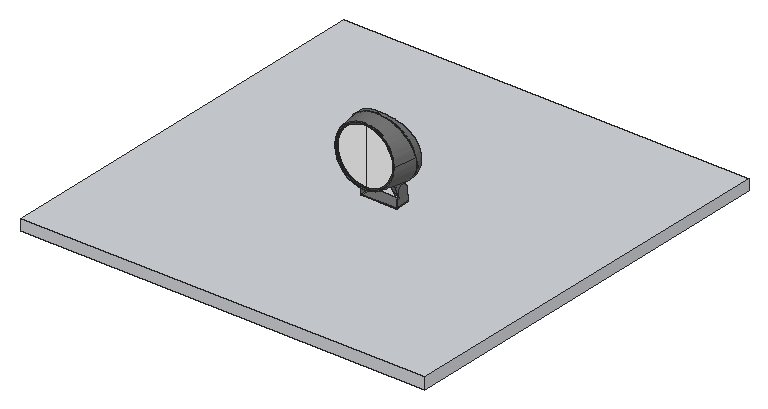
Revit family "Thorn CONT3 52L105 830 NB HFX 6K ANT", category Lighting Fixtures, host Face, Revit 2016
Family settings
  Host = Face
  Part Type = Normal
  Round Connector Dimension = Use Diameter
  OmniClass Number = 23.80.70.11
  OmniClass Title = Luminaries for Internal Lighting
  Cut with Voids When Loaded = No
  Light Source = Yes
  Shared = No
  Room Calculation Point = No
Parameters (values of type "CONT3 52L105 830 NB HFX 6K ANT")
  Width = 397.00 mm  # constant formula
  Wattage = 113.591 W
  built-in parameter 1150110 = 1 (stored number, unit not read)
  Voltage = 230 V  # constant formula
  URL = "http://www.thornlighting.com/96633457"
  Type Comments = "© Thorn. We reserve the right to make technical changes without prior notice."  # constant formula
  built-in parameter 1114217 = 1 (stored number, unit not read)
  Tilt Angle = 0.00°
  built-in parameter 1150109 = 1 (stored number, unit not read)
  built-in parameter 1150134 = (empty or 0)
  built-in parameter 1150113 = 1 (stored number, unit not read)
  Reflector [instance] = ZG_Reflector_SI
  Photometric Web File = "96633457_(STD).IES"
  Note [instance] = "Angle value ranges between 30° and 90°!"  # constant formula
  Model = "96633457"
  Manufacturer = "Thorn Lighting"  # constant formula
  built-in parameter 1150105 = 1342.7 (stored number, unit not read)
  Lumens = 16873 lm
  built-in parameter 1150115 = 1 (stored number, unit not read)
  built-in parameter 1150137 = (empty or 0)
  built-in parameter 1150139 = (empty or 0)
  Length = 206.00 mm  # constant formula
  built-in parameter 1150112 = 1 (stored number, unit not read)
  built-in parameter 1150114 = 1 (stored number, unit not read)
  Lamp = "LED"
  built-in parameter 1150132 = 2
  built-in parameter 1150102 = (empty or 0)
  built-in parameter 1150107 = 3000 (stored number, unit not read)
  built-in parameter 1150138 = (empty or 0)
  built-in parameter 1150106 = 13.427 (stored number, unit not read)
  Height = 483.00 mm  # constant formula
  built-in parameter 1150104 = 13.8 (stored number, unit not read)
  Dimming Lamp Color Temperature Shift = <None>
  Description = "LED spot luminaire"  # constant formula
  Color Filter = 16777215
  Body [instance] = ZG_Metal_Black
  built-in parameter 1114218 = 1 (stored number, unit not read)
  built-in parameter 1150133 = 10 (stored number, unit not read)
  Apparent Load = 166 VA  # constant formula
  Angle [instance] = 0.00°
  Default Elevation = 0.00 mm
  Assembly Code = "D5020200"
Reference planes
  plane 1: z = 0
  plane 2 "Center (Left/Right)": x = 0
  plane 3: x = -111
  plane 4: x = 111
  plane 5: z = 82.316
  plane 6: x = 108
  plane 7: x = -108
  plane 8 "Center (Front/Back)": y = 0
  plane 9: x = -106
Forms (mm)
  Extrusion 1, solid
    sketch origin (0, 0, 0) x (1, 0, 0) y (0, 1, 0)
      loop
        line (-1219.2, 1219.2) -> (-1219.2, -1219.2) -> (1219.2, -1219.2) -> (1219.2, 1219.2) -> (-1219.2, 1219.2)
    from 0 to -66.193
  Extrusion 2, solid, material "ZG_Metal_Black" <- "Body"
    sketch origin (-37.684, 0, 0) x (0, 0, 1) y (0, -1, 0)
      loop
        line (12, -40) -> (88.244, -30.435)
        arc (88.244, -30.435) -> (115.099, 0) -> (88.244, 30.435) r 30.673
        line (88.244, 30.435) -> (12, 40) -> (12, -40)
    from -73.316 to -70.316
  Extrusion 3, solid, material "ZG_Metal_Black" <- "Body"
    sketch origin (37.684, 0, 0) x (0, 0, 1) y (0, 1, 0)
      loop
        line (12, 40) -> (12, -40) -> (88.244, -30.435)
        arc (88.244, -30.435) -> (115.099, 0) -> (88.244, 30.435) r 30.673
        line (88.244, 30.435) -> (12, 40)
    from -73.316 to -70.316
  Extrusion 4, solid, material "ZG_Metal_Black" <- "Body"
    sketch origin (0, 0, 0) x (0, 0, 1) y (-1, 0, 0)
      loop
        line (0, 103) -> (0, -103)
        arc (0, -103) -> (2.343, -108.657) -> (8, -111) r 8
        line (8, -111) -> (12, -111) -> (12, -108) -> (8, -108)
        arc (8, -108) -> (4.464, -106.536) -> (3, -103) r 5
        line (3, -103) -> (3, 103)
        arc (3, 103) -> (4.464, 106.536) -> (8, 108) r 5
        line (8, 108) -> (12, 108) -> (12, 111) -> (8, 111)
        arc (8, 111) -> (2.343, 108.657) -> (0, 103) r 8
    from -40 to 40
Cuts and joins
  joined: Extrusion 2, Extrusion 3, Extrusion 4
Lines and regions (mm)
  reference lines
    curve 1: line (0, 0, 82.316) -> (0, -146.894, 82.316)
    curve 2: line (0, -146.894, 293.238) -> (0, -146.894, 82.316)
    curve 3: line (0, -146.894, 293.238) -> (0, 0, 293.238)
Dimensions and locks
  "Angle": angle plane 5 to curve 1
  aligned and locked: plane 1 to Extrusion 1
  aligned and locked: level to Extrusion 1
  aligned and locked: imposter light to curve 3  (x2)
  aligned and locked: plane 8 "Center (Front/Back)" to curve 1
  aligned and locked: plane 5 to curve 1
Automatic sketch dimensions
  Extrusion 1 sketch curve to Extrusion 1 sketch curve = 2438.40 mm  (x2)
  Extrusion 2 sketch curve to plane 8 "Center (Front/Back)" = 0.00 mm
  level to Extrusion 2 sketch curve = 12.00 mm
  plane 5 to Extrusion 2 sketch curve = 2.109 mm
  plane 5 to Extrusion 2 sketch curve = 5.927 mm  (x2)
  Extrusion 2 sketch curve to plane 8 "Center (Front/Back)" = 30.435 mm
  Extrusion 2 sketch curve to plane 8 "Center (Front/Back)" = 40.00 mm
  plane 8 "Center (Front/Back)" to Extrusion 2 sketch curve = 40.00 mm
  curve 1 to curve 3 = 0.00 mm  (x2)
  curve 3 to curve 1 = 210.922 mm
  curve 2 to curve 1 = 0.00 mm
  Extrusion 3 sketch curve to plane 8 "Center (Front/Back)" = 0.00 mm
  level to Extrusion 3 sketch curve = 12.00 mm
  plane 5 to Extrusion 3 sketch curve = 2.109 mm
  plane 5 to Extrusion 3 sketch curve = 5.927 mm  (x2)
  plane 8 "Center (Front/Back)" to Extrusion 3 sketch curve = 30.435 mm
  plane 8 "Center (Front/Back)" to Extrusion 3 sketch curve = 40.00 mm
  Extrusion 3 sketch curve to plane 8 "Center (Front/Back)" = 40.00 mm
  Extrusion 4 sketch curve to Extrusion 4 sketch curve = 0.00 mm  (x4)
  Extrusion 4 sketch curve to level = 0.00 mm
  plane 6 to Extrusion 4 sketch curve = 0.00 mm
  Extrusion 4 sketch curve to plane 3 = 0.00 mm
  plane 4 to Extrusion 4 sketch curve = 0.00 mm
  Extrusion 4 sketch curve to Extrusion 4 sketch curve = 5.00 mm
  level to Extrusion 4 sketch curve = 8.00 mm
  Extrusion 4 sketch curve to Extrusion 4 sketch curve = 4.00 mm  (x2)
Nested families
  nested 1: "Thorn CONT52L Body" at (0, 0, 82.316), Body <- "Body", Reflector <- "Reflector", type "Thorn CONT52L Body"
    with Reflector ZG_Reflector_SI, Body ZG_Metal_Black
Definition of nested family "Thorn CONT52L Body"
  Parameters (values of type "Thorn CONT52L Body")
    Reflector [instance] = none
    Default Elevation = 0.00 mm
    Body [instance] = none
  Reference planes
    plane 1 "Light Source Axis (F/B)": y = 0
    plane 2: z = 0
    plane 3 "Light Source Axis (L/R)": x = 0
    plane 4 "Light Source Elevation": z = 0
  Forms (mm)
    Blend 1, solid, material <- "Body"
      base sketch origin (0, 0, 0) x (1, 0, 0) y (0, 0, 1)
        loop
          circle (0, 211.079) r 205
      top sketch origin (0, 0, 0) x (1, 0, 0) y (0, 0, 1)
        loop
          circle (0, 210.922) r 180
      from -41.272 to 146.894
    Extrusion 2, void
      sketch origin (0, 0, 0) x (0, 1, 0) y (0, 0, 1)
        loop
          line (-62.172, 425.36) -> (39.389, -19.64) -> (56.098, -19.64) -> (56.098, 425.36) -> (-62.172, 425.36)
      from -250 to 250
    Extrusion 3, solid, material <- "Body"
      sketch origin (0, 6.2, 125.778) x (0, 0.222506, -0.974931) y (-1, 0, 0)
        loop
          circle (-87.448, 0) r 190
      from 0 to 2.5
    Revolve 4, solid, material <- "Body"
      sketch origin (0, 0, 0) x (0, 1, 0) y (0, 0, 1)
        loop
          line (-54.578, 403.318) -> (-9.247, 204.699) -> (32.249, 214.169) -> (-10.921, 403.318) -> (-54.578, 403.318)
        axis (32.249, 214.169) -> (-9.247, 204.699)
      angle from 0 to 360
    Extrusion 5, void
      sketch origin (0, 0, 0) x (0, 1, 0) y (0, 0, 1)
        loop
          line (38.488, 51.438) -> (38.488, -20) -> (106.048, -20) -> (106.048, 411.103) -> (-37.986, 411.103)
          arc (-37.986, 411.103) -> (-2.06, 336.639) -> (22.327, 257.64) r 551.38
          line (22.327, 257.64) -> (62.591, 81.222) -> (38.488, 51.438)
      from -250 to 250
    Revolve 6, void
      sketch origin (0, -32.992, 0) x (0, 1, 0) y (0, 0, 1)
        loop
          line (-113.902, 210.922) -> (-108.967, 210.922) -> (-108.967, 378.426) -> (-111.435, 378.426) -> (-111.435, 388.426) -> (-113.902, 388.426) -> (-113.902, 210.922)
        axis (-113.902, 210.922) -> (-108.967, 210.922)
      angle from 0 to 360
    Extrusion 7, solid, material <- "Body"
      sketch origin (0, 0, 0) x (0, -0.866025, 0.5) y (0, -0.5, -0.866025)
        loop
          arc (17.197, 24.582) -> (-22.71, 19.603) -> (-21.806, -20.603) r 30
          line (-21.806, -20.603) -> (9.298, -53.524) -> (84.781, -22.698) -> (17.197, 24.582)
      from -106 to -81
    Extrusion 8, solid, material <- "Body"
      sketch origin (0, 0, 0) x (0, -0.866025, 0.5) y (0, 0.5, 0.866025)
        loop
          line (17.197, -24.582) -> (84.781, 22.698) -> (9.298, 53.524) -> (-21.806, 20.603)
          arc (-21.806, 20.603) -> (-22.71, -19.603) -> (17.197, -24.582) r 30
      from -106 to -81
    Extrusion 9, solid, material <- "Body", detail levels fine
      sketch origin (0, 38.488, 51.438) x (0, 0.62905, 0.777365) y (1, 0, 0)
        loop
          circle (19.162, 24.501) r 12.5
        loop
          circle (19.162, -24.501) r 12.5
        loop
          circle (19.162, 73.504) r 12.5
        loop
          circle (19.162, -73.504) r 12.5
      from 0 to 5
  Cuts and joins
    Extrusion 2, Revolve 6 cuts Blend 1
    joined: Blend 1, Extrusion 7, Extrusion 8
    Extrusion 5 cuts Revolve 4
  Lines and regions (mm)
    model lines, detail levels fine
      curve 1: circle (40, -141.959, 210.922) r 20 normal (0, -1, 0)
      curve 2: circle (80, -141.959, 210.922) r 20 normal (0, -1, 0)
      curve 3: circle (120, -141.959, 210.922) r 20 normal (0, -1, 0)
      curve 4: circle (-40, -141.959, 210.922) r 20 normal (0, 1, 0)
      curve 5: circle (-80, -141.959, 210.922) r 20 normal (0, 1, 0)
      curve 6: circle (-120, -141.959, 210.922) r 20 normal (0, 1, 0)
      curve 7: circle (20, -141.959, 245.922) r 20 normal (0, 1, 0)
      curve 8: circle (-20, -141.959, 245.922) r 20 normal (0, -1, 0)
      curve 9: circle (60, -141.959, 245.922) r 20 normal (0, 1, 0)
      curve 10: circle (100, -141.959, 245.922) r 20 normal (0, 1, 0)
      curve 11: circle (-60, -141.959, 245.922) r 20 normal (0, -1, 0)
      curve 12: circle (-100, -141.959, 245.922) r 20 normal (0, -1, 0)
      curve 13: circle (0, -141.959, 280.922) r 20 normal (0, 1, 0)
      curve 14: circle (40, -141.959, 280.922) r 20 normal (0, 1, 0)
      curve 15: circle (80, -141.959, 280.922) r 20 normal (0, 1, 0)
      curve 16: circle (-40, -141.959, 280.922) r 20 normal (0, -1, 0)
      curve 17: circle (-80, -141.959, 280.922) r 20 normal (0, -1, 0)
      curve 18: circle (20, -141.959, 315.922) r 20 normal (0, -1, 0)
      curve 19: circle (-20, -141.959, 315.922) r 20 normal (0, 1, 0)
      curve 20: circle (60, -141.959, 315.922) r 20 normal (0, -1, 0)
      curve 21: circle (-60, -141.959, 315.922) r 20 normal (0, 1, 0)
      curve 22: circle (0, -141.959, 210.922) r 20 normal (0, 1, 0)
      curve 23: circle (-140, -141.959, 245.922) r 20 normal (0, -1, 0)
      curve 24: circle (140, -141.959, 245.922) r 20 normal (0, 1, 0)
      curve 25: circle (-120, -141.959, 280.922) r 20 normal (0, -1, 0)
      curve 26: circle (120, -141.959, 280.922) r 20 normal (0, 1, 0)
      curve 27: circle (-100, -141.959, 315.922) r 20 normal (0, 1, 0)
      curve 28: circle (100, -141.959, 315.922) r 20 normal (0, -1, 0)
      curve 29: circle (0, -141.959, 350.922) r 20 normal (0, 1, 0)
      curve 30: circle (40, -141.959, 350.922) r 20 normal (0, 1, 0)
      curve 31: circle (-40, -141.959, 350.922) r 20 normal (0, -1, 0)
      curve 32: circle (20, -141.959, 175.922) r 20 normal (0, -1, 0)
      curve 33: circle (-20, -141.959, 175.922) r 20 normal (0, 1, 0)
      curve 34: circle (60, -141.959, 175.922) r 20 normal (0, -1, 0)
      curve 35: circle (100, -141.959, 175.922) r 20 normal (0, -1, 0)
      curve 36: circle (-60, -141.959, 175.922) r 20 normal (0, 1, 0)
      curve 37: circle (-100, -141.959, 175.922) r 20 normal (0, 1, 0)
      curve 38: circle (0, -141.959, 140.922) r 20 normal (0, -1, 0)
      curve 39: circle (40, -141.959, 140.922) r 20 normal (0, -1, 0)
      curve 40: circle (80, -141.959, 140.922) r 20 normal (0, -1, 0)
      curve 41: circle (-40, -141.959, 140.922) r 20 normal (0, 1, 0)
      curve 42: circle (-80, -141.959, 140.922) r 20 normal (0, 1, 0)
      curve 43: circle (20, -141.959, 105.922) r 20 normal (0, 1, 0)
      curve 44: circle (-20, -141.959, 105.922) r 20 normal (0, -1, 0)
      curve 45: circle (60, -141.959, 105.922) r 20 normal (0, 1, 0)
      curve 46: circle (-60, -141.959, 105.922) r 20 normal (0, -1, 0)
      curve 47: circle (-140, -141.959, 175.922) r 20 normal (0, 1, 0)
      curve 48: circle (140, -141.959, 175.922) r 20 normal (0, -1, 0)
      curve 49: circle (-120, -141.959, 140.922) r 20 normal (0, 1, 0)
      curve 50: circle (120, -141.959, 140.922) r 20 normal (0, -1, 0)
      curve 51: circle (0, -141.959, 70.922) r 20 normal (0, -1, 0)
      curve 52: circle (40, -141.959, 70.922) r 20 normal (0, -1, 0)
      curve 53: circle (-40, -141.959, 70.922) r 20 normal (0, 1, 0)
  Dimensions and locks
    aligned and locked: level to plane 2
